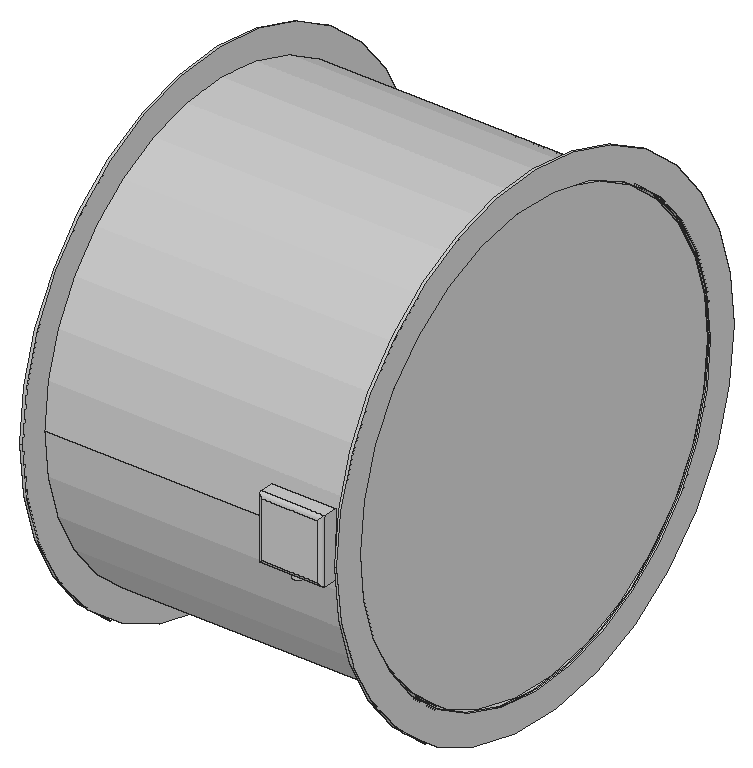
Revit family "ВПВО", category Оборудование, Revit 2021
Family settings
  Размер круглого соединителя = Использовать диаметр
  Классификация = Нет
  Тип детали = Нормальный
  На основе рабочей плоскости = Нет
  Всегда вертикально = Да
  При загрузке вырезать с полостями = Нет
  Общий = Нет
  Точка принадлежности помещению = Нет
Parameters (values of type "ВПВО-900-6Д/3-8/45/ПАГ")
  Отметка по умолчанию = 0 mm
  Вес = "155.8 кг"
  t = 5 mm
  Voltage = 400 V
  Rk = Dy / 2  # 450 mm
  Power = 3000 VA
  Number of Fase = 3
  Maximum Air Flow = 8050.0 L/s
  Maintenance zone material = none
  Ly = L / 2  # 325 mm
  t1 = L - 5 mm  # 645 mm
  Rk1 = Rk + 15 mm  # 465 mm
  Load Classification = "HVAC"
  Lk3 = Lk1 + 65 mm  # 535 mm
  Lk2 = L - 50 mm  # 600 mm
  Lk1 = L - 180 mm  # 470 mm
  L = 650 mm
  Grid Material = Условный материал-отделка
  Dy = 900 mm
  Dn = Dy + 4 mm  # 904 mm
  D3 = Dy - 10 mm  # 890 mm
  D2 = 1015 mm
  Casing Material = Условный материал-отделка
  Air Flow [instance] = 0.0 L/s
  09_System_Name [instance] = ""
  09_Pressure_Static_Air [instance] = 0.0 L/s
  00_20_Type = "ВПВО-900-6Д/3-8/45/ПАГ"
  00_20_Name = "Осьовий вентилятор середнього тиску"
  00_20_Manufacturer [instance] = "Вентс"  # constant formula
Types (160, lengths in mm): name | Вес | Rk | Power | Maximum Air Flow | Ly | t1 | Rk1 | Lk3 | Lk2 | Lk1 | L | Dy | Dn | D3 | D2 | 00_20_Type
  (no name) | "155.8 кг" | 450 | 3000 VA | 8050.0 L/s | 325 | 645 | 465 | 535 | 600 | 470 | 650 | 900 | 904 | 890 | 1015 | "ВПВО-900-6Д/3-8/45/ПАГ"
  ВПВО-400-2Д/0,55-6/25/ПАГ | "23.4 кг" | 200 | 550 VA | 1450.0 L/s | 175 | 345 | 215 | 235 | 300 | 170 | 350 | 400 | 404 | 390 | 490 | "ВПВО-400-2Д/0,55-6/25/ПАГ"
  ВПВО-400-2Д/0,75-6/30/ПАГ | "26.5 кг" | 200 | 750 VA | 1700.0 L/s | 175 | 345 | 215 | 235 | 300 | 170 | 350 | 400 | 404 | 390 | 490 | "ВПВО-400-2Д/0,75-6/30/ПАГ"
  ВПВО-400-2Д/1,1-6/35/ПАГ | "27 кг" | 200 | 1100 VA | 2000.0 L/s | 225 | 445 | 215 | 335 | 400 | 270 | 450 | 400 | 404 | 390 | 490 | "ВПВО-400-2Д/1,1-6/35/ПАГ"
  ВПВО-400-2Д/1,5-6/40/ПАГ | "32.5 кг" | 200 | 1500 VA | 2150.0 L/s | 225 | 445 | 215 | 335 | 400 | 270 | 450 | 400 | 404 | 390 | 490 | "ВПВО-400-2Д/1,5-6/40/ПАГ"
  ВПВО-400-2Д/2,2-6/45/ПАГ | "34.5 кг" | 200 | 2200 VA | 2350.0 L/s | 225 | 445 | 215 | 335 | 400 | 270 | 450 | 400 | 404 | 390 | 490 | "ВПВО-400-2Д/2,2-6/45/ПАГ"
  ВПВО-400-2Д/2,2-8/45/ПАГ | "35 кг" | 200 | 2200 VA | 2450.0 L/s | 225 | 445 | 215 | 335 | 400 | 270 | 450 | 400 | 404 | 390 | 490 | "ВПВО-400-2Д/2,2-8/45/ПАГ"
  ВПВО-400-4Д/0,12-6/30/ПАГ | "19.5 кг" | 200 | 120 VA | 880.0 L/s | 175 | 345 | 215 | 235 | 300 | 170 | 350 | 400 | 404 | 390 | 490 | "ВПВО-400-4Д/0,12-6/30/ПАГ"
  ВПВО-400-4Д/0,18-6/35/ПАГ | "19.8 кг" | 200 | 180 VA | 1000.0 L/s | 175 | 345 | 215 | 235 | 300 | 170 | 350 | 400 | 404 | 390 | 490 | "ВПВО-400-4Д/0,18-6/35/ПАГ"
  ВПВО-400-4Д/0,18-6/40/ПАГ | "19.8 кг" | 200 | 180 VA | 1050.0 L/s | 175 | 345 | 215 | 235 | 300 | 170 | 350 | 400 | 404 | 390 | 490 | "ВПВО-400-4Д/0,18-6/40/ПАГ"
  ВПВО-400-4Д/0,25-6/45/ПАГ | "23.2 кг" | 200 | 250 VA | 1180.0 L/s | 175 | 345 | 215 | 235 | 300 | 170 | 350 | 400 | 404 | 390 | 490 | "ВПВО-400-4Д/0,25-6/45/ПАГ"
  ВПВО-400-4Д/0,37-8/45/ПАГ | "23.9 кг" | 200 | 370 VA | 1200.0 L/s | 175 | 345 | 215 | 235 | 300 | 170 | 350 | 400 | 404 | 390 | 490 | "ВПВО-400-4Д/0,37-8/45/ПАГ"
  ВПВО-450-2Д/0,75-6/25/ПАГ | "36.1 кг" | 225 | 750 VA | 1875.0 L/s | 175 | 345 | 240 | 235 | 300 | 170 | 350 | 450 | 454 | 440 | 540 | "ВПВО-450-2Д/0,75-6/25/ПАГ"
  ВПВО-450-2Д/1,1-6/30/ПАГ | "36.6 кг" | 225 | 1100 VA | 2300.0 L/s | 225 | 445 | 240 | 335 | 400 | 270 | 450 | 450 | 454 | 440 | 540 | "ВПВО-450-2Д/1,1-6/30/ПАГ"
  ВПВО-450-2Д/1,5-6/35/ПАГ | "42.1 кг" | 225 | 1500 VA | 2700.0 L/s | 225 | 445 | 240 | 335 | 400 | 270 | 450 | 450 | 454 | 440 | 540 | "ВПВО-450-2Д/1,5-6/35/ПАГ"
  ВПВО-450-2Д/2,2-6/40/ПАГ | "44.1 кг" | 225 | 2200 VA | 3000.0 L/s | 225 | 445 | 240 | 335 | 400 | 270 | 450 | 450 | 454 | 440 | 540 | "ВПВО-450-2Д/2,2-6/40/ПАГ"
  ВПВО-450-2Д/3-8/40/ПАГ | "53.6 кг" | 225 | 3000 VA | 3125.0 L/s | 225 | 445 | 240 | 335 | 400 | 270 | 450 | 450 | 454 | 440 | 540 | "ВПВО-450-2Д/3-8/40/ПАГ"
  ВПВО-450-2Д/4-8/45/ПАГ | "63.7 кг" | 225 | 4000 VA | 3500.0 L/s | 275 | 545 | 240 | 435 | 500 | 370 | 550 | 450 | 454 | 440 | 540 | "ВПВО-450-2Д/4-8/45/ПАГ"
  ВПВО-450-4Д/0,12-6/25/ПАГ | "29.1 кг" | 225 | 120 VA | 950.0 L/s | 175 | 345 | 240 | 235 | 300 | 170 | 350 | 450 | 454 | 440 | 540 | "ВПВО-450-4Д/0,12-6/25/ПАГ"
  ВПВО-450-4Д/0,18-6/30/ПАГ | "29.4 кг" | 225 | 180 VA | 1100.0 L/s | 175 | 345 | 240 | 235 | 300 | 170 | 350 | 450 | 454 | 440 | 540 | "ВПВО-450-4Д/0,18-6/30/ПАГ"
  ВПВО-450-4Д/0,25-6/35/ПАГ | "32.8 кг" | 225 | 250 VA | 1350.0 L/s | 175 | 345 | 240 | 235 | 300 | 170 | 350 | 450 | 454 | 440 | 540 | "ВПВО-450-4Д/0,25-6/35/ПАГ"
  ВПВО-450-4Д/0,25-6/40/ПАГ | "32.8 кг" | 225 | 250 VA | 1450.0 L/s | 175 | 345 | 240 | 235 | 300 | 170 | 350 | 450 | 454 | 440 | 540 | "ВПВО-450-4Д/0,25-6/40/ПАГ"
  ВПВО-450-4Д/0,37-6/45/ПАГ | "33 кг" | 225 | 370 VA | 1600.0 L/s | 175 | 345 | 240 | 235 | 300 | 170 | 350 | 450 | 454 | 440 | 540 | "ВПВО-450-4Д/0,37-6/45/ПАГ"
  ВПВО-450-4Д/0,55-8/45/ПАГ | "36.6 кг" | 225 | 550 VA | 1700.0 L/s | 175 | 345 | 240 | 235 | 300 | 170 | 350 | 450 | 454 | 440 | 540 | "ВПВО-450-4Д/0,55-8/45/ПАГ"
  ВПВО-500-2Д/1,1-6/25/ПАГ | "48.2 кг" | 250 | 1100 VA | 2350.0 L/s | 225 | 445 | 265 | 335 | 400 | 270 | 450 | 500 | 504 | 490 | 600 | "ВПВО-500-2Д/1,1-6/25/ПАГ"
  ВПВО-560-2Д/1,5-6/25/ПАГ | "70.8 кг" | 280 | 1500 VA | 2900.0 L/s | 225 | 445 | 295 | 335 | 400 | 270 | 450 | 560 | 564 | 550 | 660 | "ВПВО-560-2Д/1,5-6/25/ПАГ"
  ВПВО-630-2Д/3-8/25/ПАГ | "88 кг" | 315 | 3000 VA | 3800.0 L/s | 225 | 445 | 330 | 335 | 400 | 270 | 450 | 630 | 634 | 620 | 730 | "ВПВО-630-2Д/3-8/25/ПАГ"
  ВПВО-710-2Д/7,5-6/20/ПАГ | "150.8" | 355 | 7500 VA | 6300.0 L/s | 275 | 545 | 370 | 435 | 500 | 370 | 550 | 710 | 714 | 700 | 810 | "ВПВО-710-2Д/7,5-6/20/ПАГ"
  ВПВО-800-4Д/1,1-6/20/ПАГ | "115.6 кг" | 400 | 1100 VA | 4200.0 L/s | 225 | 445 | 415 | 335 | 400 | 270 | 450 | 800 | 804 | 790 | 900 | "ВПВО-800-4Д/1,1-6/20/ПАГ"
  ВПВО-900-4Д/3-8/20/ПАГ | "134.8 кг" | 450 | 3000 VA | 6000.0 L/s | 275 | 545 | 465 | 435 | 500 | 370 | 550 | 900 | 904 | 890 | 1015 | "ВПВО-900-4Д/3-8/20/ПАГ"
  ВПВО-1000-4Д/5,5-8/25/ПАГ | "200.5 кг" | 500 | 5500 VA | 8600.0 L/s | 275 | 545 | 515 | 435 | 500 | 370 | 550 | 1000 | 1004 | 990 | 1115 | "ВПВО-1000-4Д/5,5-8/25/ПАГ"
  ВПВО-1120-4Д/7,5-8/25/ПАГ | "222 кг" | 560 | 7500 VA | 12200.0 L/s | 325 | 645 | 575 | 535 | 600 | 470 | 650 | 1120 | 1124 | 1110 | 1270 | "ВПВО-1120-4Д/7,5-8/25/ПАГ"
  ВПВО-1250-4Д/7,5-8/25/ПАГ | "241 кг" | 625 | 7500 VA | 12500.0 L/s | 325 | 645 | 640 | 535 | 600 | 470 | 650 | 1250 | 1254 | 1240 | 1400 | "ВПВО-1250-4Д/7,5-8/25/ПАГ"
  ВПВО-500-2Д/1,5-6/30/ПАГ | "53.7 кг" | 250 | 1500 VA | 2900.0 L/s | 225 | 445 | 265 | 335 | 400 | 270 | 450 | 500 | 504 | 490 | 600 | "ВПВО-500-2Д/1,5-6/30/ПАГ"
  ВПВО-500-2Д/2,2-6/35/ПАГ | "55.7 кг" | 250 | 2200 VA | 3400.0 L/s | 225 | 445 | 265 | 335 | 400 | 270 | 450 | 500 | 504 | 490 | 600 | "ВПВО-500-2Д/2,2-6/35/ПАГ"
  ВПВО-500-2Д/3-8/35/ПАГ | "65.3 кг" | 250 | 3000 VA | 3700.0 L/s | 225 | 445 | 265 | 335 | 400 | 270 | 450 | 500 | 504 | 490 | 600 | "ВПВО-500-2Д/3-8/35/ПАГ"
  ВПВО-500-2Д/4-8/40/ПАГ | "75.4 кг" | 250 | 4000 VA | 4200.0 L/s | 275 | 545 | 265 | 435 | 500 | 370 | 550 | 500 | 504 | 490 | 600 | "ВПВО-500-2Д/4-8/40/ПАГ"
  ВПВО-500-2Д/5,5-8/45/ПАГ | "96.8 кг" | 250 | 5500 VA | 4500.0 L/s | 275 | 545 | 265 | 435 | 500 | 370 | 550 | 500 | 504 | 490 | 600 | "ВПВО-500-2Д/5,5-8/45/ПАГ"
  ВПВО-500-4Д/0,18-6/25/ПАГ | "61.5 кг" | 250 | 180 VA | 1200.0 L/s | 175 | 345 | 265 | 235 | 300 | 170 | 350 | 500 | 504 | 490 | 600 | "ВПВО-500-4Д/0,18-6/25/ПАГ"
  ВПВО-500-4Д/0,25-6/30/ПАГ | "61.7 кг" | 250 | 250 VA | 1460.0 L/s | 175 | 345 | 265 | 235 | 300 | 170 | 350 | 500 | 504 | 490 | 600 | "ВПВО-500-4Д/0,25-6/30/ПАГ"
  ВПВО-500-4Д/0,37-6/35/ПАГ | "64.8 кг" | 250 | 370 VA | 1700.0 L/s | 175 | 345 | 265 | 235 | 300 | 170 | 350 | 500 | 504 | 490 | 600 | "ВПВО-500-4Д/0,37-6/35/ПАГ"
  ВПВО-500-4Д/0,37-6/40/ПАГ | "64.8 кг" | 250 | 370 VA | 1800.0 L/s | 175 | 345 | 265 | 235 | 300 | 170 | 350 | 500 | 504 | 490 | 600 | "ВПВО-500-4Д/0,37-6/40/ПАГ"
  ВПВО-500-4Д/0,55-6/45/ПАГ | "65.6 кг" | 250 | 550 VA | 2100.0 L/s | 225 | 445 | 265 | 335 | 400 | 270 | 450 | 500 | 504 | 490 | 600 | "ВПВО-500-4Д/0,55-6/45/ПАГ"
  ВПВО-500-4Д/0,75-8/45/ПАГ | "71.4 кг" | 250 | 750 VA | 2300.0 L/s | 225 | 445 | 265 | 335 | 400 | 270 | 450 | 500 | 504 | 490 | 600 | "ВПВО-500-4Д/0,75-8/45/ПАГ"
  ВПВО-560-2Д/2,2/6/30/ПАГ | "72.8 кг" | 280 | 2200 VA | 3500.0 L/s | 225 | 445 | 295 | 335 | 400 | 270 | 450 | 560 | 564 | 550 | 660 | "ВПВО-560-2Д/2,2/6/30/ПАГ"
  ВПВО-560-2Д/3-8/30/ПАГ | "82.4 кг" | 280 | 3000 VA | 3900.0 L/s | 225 | 445 | 295 | 335 | 400 | 270 | 450 | 560 | 564 | 550 | 660 | "ВПВО-560-2Д/3-8/30/ПАГ"
  ВПВО-560-2Д/4-8/35/ПАГ | "92.5 кг" | 280 | 4000 VA | 4800.0 L/s | 275 | 545 | 295 | 435 | 500 | 370 | 550 | 560 | 564 | 550 | 660 | "ВПВО-560-2Д/4-8/35/ПАГ"
  ВПВО-560-2Д/5,5-8/40/ПАГ | "113.9 кг" | 280 | 5500 VA | 5150.0 L/s | 275 | 545 | 295 | 435 | 500 | 370 | 550 | 560 | 564 | 550 | 660 | "ВПВО-560-2Д/5,5-8/40/ПАГ"
  ВПВО-560-2Д/7,5-8/45/ПАГ | "117.9 кг" | 280 | 7500 VA | 6000.0 L/s | 275 | 545 | 295 | 435 | 500 | 370 | 550 | 560 | 564 | 550 | 660 | "ВПВО-560-2Д/7,5-8/45/ПАГ"
  ВПВО-560-4Д/0,25-6/25/ПАГ | "61.5 кг" | 280 | 250 VA | 1400.0 L/s | 175 | 345 | 295 | 235 | 300 | 170 | 350 | 560 | 564 | 550 | 660 | "ВПВО-560-4Д/0,25-6/25/ПАГ"
  ВПВО-560-4Д/0,37-6/30/ПАГ | "61.7 кг" | 280 | 370 VA | 1800.0 L/s | 175 | 345 | 295 | 235 | 300 | 170 | 350 | 560 | 564 | 550 | 660 | "ВПВО-560-4Д/0,37-6/30/ПАГ"
  ВПВО-560-4Д/0,55-6/35/ПАГ | "64.8 кг" | 280 | 550 VA | 2150.0 L/s | 175 | 345 | 295 | 235 | 300 | 170 | 350 | 560 | 564 | 550 | 660 | "ВПВО-560-4Д/0,55-6/35/ПАГ"
  ВПВО-560-4Д/0,55-6/40/ПАГ | "64.8 кг" | 280 | 550 VA | 2400.0 L/s | 175 | 345 | 295 | 235 | 300 | 170 | 350 | 560 | 564 | 550 | 660 | "ВПВО-560-4Д/0,55-6/40/ПАГ"
  ВПВО-560-4Д/0,75-6/45/ПАГ | "65.6 кг" | 280 | 750 VA | 2600.0 L/s | 225 | 445 | 295 | 335 | 400 | 270 | 450 | 560 | 564 | 550 | 660 | "ВПВО-560-4Д/0,75-6/45/ПАГ"
  ВПВО-560-4Д/1,1-8/45/ПАГ | "71.4 кг" | 280 | 1100 VA | 3000.0 L/s | 225 | 445 | 295 | 335 | 400 | 270 | 450 | 560 | 564 | 550 | 660 | "ВПВО-560-4Д/1,1-8/45/ПАГ"
  ВПВО-630-2Д/4-8/30/ПАГ | "98.1 кг" | 315 | 4000 VA | 4700.0 L/s | 275 | 545 | 330 | 435 | 500 | 370 | 550 | 630 | 634 | 620 | 730 | "ВПВО-630-2Д/4-8/30/ПАГ"
  ВПВО-630-2Д/5,5-8/35/ПАГ | "119.5 кг" | 315 | 5500 VA | 6000.0 L/s | 275 | 545 | 330 | 435 | 500 | 370 | 550 | 630 | 634 | 620 | 730 | "ВПВО-630-2Д/5,5-8/35/ПАГ"
  ВПВО-630-2Д/7,5-8/40/ПАГ | "123.5 кг" | 315 | 7500 VA | 6800.0 L/s | 275 | 545 | 330 | 435 | 500 | 370 | 550 | 630 | 634 | 620 | 730 | "ВПВО-630-2Д/7,5-8/40/ПАГ"
  ВПВО-630-2Д/9,2-6/30/ПАГ | "130.1 кг" | 315 | 9200 VA | 7200.0 L/s | 325 | 645 | 330 | 535 | 600 | 470 | 650 | 630 | 634 | 620 | 730 | "ВПВО-630-2Д/9,2-6/30/ПАГ"
  ВПВО-630-2Д/11-6/32,5/ПАГ | "154.1 кг" | 315 | 11000 VA | 7500.0 L/s | 325 | 645 | 330 | 535 | 600 | 470 | 650 | 630 | 634 | 620 | 730 | "ВПВО-630-2Д/11-6/32,5/ПАГ"
  ВПВО-630-2Д/11-6/35/ПАГ | "154.1 кг" | 315 | 11000 VA | 8300.0 L/s | 325 | 645 | 330 | 535 | 600 | 470 | 650 | 630 | 634 | 620 | 730 | "ВПВО-630-2Д/11-6/35/ПАГ"
  ВПВО-630-2Д/15-6/37,5/ПАГ | "166.7 кг" | 315 | 15000 VA | 8400.0 L/s | 375 | 745 | 330 | 635 | 700 | 570 | 750 | 630 | 634 | 620 | 730 | "ВПВО-630-2Д/15-6/37,5/ПАГ"
  ВПВО-630-2Д/15-6/40/ПАГ | "166.7 кг" | 315 | 15000 VA | 8650.0 L/s | 375 | 745 | 330 | 635 | 700 | 570 | 750 | 630 | 634 | 620 | 730 | "ВПВО-630-2Д/15-6/40/ПАГ"
  ВПВО-630-2Д/18,5-6/45/ПАГ | "179.8 кг" | 315 | 18500 VA | 9400.0 L/s | 375 | 745 | 330 | 635 | 700 | 570 | 750 | 630 | 634 | 620 | 730 | "ВПВО-630-2Д/18,5-6/45/ПАГ"
  ВПВО-630-4Д/0,37-8/25/ПАГ | "67.9 кг" | 315 | 370 VA | 1900.0 L/s | 175 | 345 | 330 | 235 | 300 | 170 | 350 | 630 | 634 | 620 | 730 | "ВПВО-630-4Д/0,37-8/25/ПАГ"
  ВПВО-630-4Д/0,55-8/30/ПАГ | "71 кг" | 315 | 550 VA | 2500.0 L/s | 175 | 345 | 330 | 235 | 300 | 170 | 350 | 630 | 634 | 620 | 730 | "ВПВО-630-4Д/0,55-8/30/ПАГ"
  ВПВО-630-4Д/0,75-8/35/ПАГ | "71.8 кг" | 315 | 750 VA | 2900.0 L/s | 225 | 445 | 330 | 335 | 400 | 270 | 450 | 630 | 634 | 620 | 730 | "ВПВО-630-4Д/0,75-8/35/ПАГ"
  ВПВО-630-4Д/1,1-8/40/ПАГ | "77 кг" | 315 | 1100 VA | 3400.0 L/s | 225 | 445 | 330 | 335 | 400 | 270 | 450 | 630 | 634 | 620 | 730 | "ВПВО-630-4Д/1,1-8/40/ПАГ"
  ВПВО-630-4Д/1,5-6/32,5/ПАГ | "81.1 кг" | 315 | 1500 VA | 3900.0 L/s | 225 | 445 | 330 | 335 | 400 | 270 | 450 | 630 | 634 | 620 | 730 | "ВПВО-630-4Д/1,5-6/32,5/ПАГ"
  ВПВО-630-4Д/1,5-8/45/ПАГ | "80 кг" | 315 | 1500 VA | 4000.0 L/s | 225 | 445 | 330 | 335 | 400 | 270 | 450 | 630 | 634 | 620 | 730 | "ВПВО-630-4Д/1,5-8/45/ПАГ"
  ВПВО-630-4Д/1,5-6/37,5/ПАГ | "81.1 кг" | 315 | 1500 VA | 4150.0 L/s | 225 | 445 | 330 | 335 | 400 | 270 | 450 | 630 | 634 | 620 | 730 | "ВПВО-630-4Д/1,5-6/37,5/ПАГ"
  ВПВО-630-4Д/2,2-6/40/ПАГ | "83.2 кг" | 315 | 2200 VA | 4300.0 L/s | 225 | 445 | 330 | 335 | 400 | 270 | 450 | 630 | 634 | 620 | 730 | "ВПВО-630-4Д/2,2-6/40/ПАГ"
  ВПВО-630-4Д/2,2-6/45/ПАГ | "83.2 кг" | 315 | 2200 VA | 4700.0 L/s | 225 | 445 | 330 | 335 | 400 | 270 | 450 | 630 | 634 | 620 | 730 | "ВПВО-630-4Д/2,2-6/45/ПАГ"
  ВПВО-710-2Д/9,2-6/25/ПАГ | "156.3" | 355 | 9200 VA | 7900.0 L/s | 325 | 645 | 370 | 535 | 600 | 470 | 650 | 710 | 714 | 700 | 810 | "ВПВО-710-2Д/9,2-6/25/ПАГ"
  ВПВО-710-2Д/15-6/30/ПАГ | "192.9" | 355 | 15000 VA | 9400.0 L/s | 375 | 745 | 370 | 635 | 700 | 570 | 750 | 710 | 714 | 700 | 810 | "ВПВО-710-2Д/15-6/30/ПАГ"
  ВПВО-710-2Д/15-6/32,5/ПАГ | "192.9" | 355 | 15000 VA | 10400.0 L/s | 375 | 745 | 370 | 635 | 700 | 570 | 750 | 710 | 714 | 700 | 810 | "ВПВО-710-2Д/15-6/32,5/ПАГ"
  ВПВО-710-2Д/18,5-6/35/ПАГ | "206" | 355 | 18500 VA | 10800.0 L/s | 375 | 745 | 370 | 635 | 700 | 570 | 750 | 710 | 714 | 700 | 810 | "ВПВО-710-2Д/18,5-6/35/ПАГ"
  ВПВО-710-2Д/18,5-6/37,5/ПАГ | "206" | 355 | 18500 VA | 11400.0 L/s | 375 | 745 | 370 | 635 | 700 | 570 | 750 | 710 | 714 | 700 | 810 | "ВПВО-710-2Д/18,5-6/37,5/ПАГ"
  ВПВО-710-2Д/22-6/40/ПАГ | "246" | 355 | 22000 VA | 12000.0 L/s | 425 | 845 | 370 | 735 | 800 | 670 | 850 | 710 | 714 | 700 | 810 | "ВПВО-710-2Д/22-6/40/ПАГ"
  ВПВО-710-4Д/0,75-6/20/ПАГ | "99.1" | 355 | 750 VA | 3200.0 L/s | 225 | 445 | 370 | 335 | 400 | 270 | 450 | 710 | 714 | 700 | 810 | "ВПВО-710-4Д/0,75-6/20/ПАГ"
  ВПВО-710-4Д/1,1-6/25/ПАГ | "104.3" | 355 | 1100 VA | 4000.0 L/s | 225 | 445 | 370 | 335 | 400 | 270 | 450 | 710 | 714 | 700 | 810 | "ВПВО-710-4Д/1,1-6/25/ПАГ"
  ВПВО-710-4Д/1,5-6/30/ПАГ | "107.3" | 355 | 1500 VA | 4700.0 L/s | 225 | 445 | 370 | 335 | 400 | 270 | 450 | 710 | 714 | 700 | 810 | "ВПВО-710-4Д/1,5-6/30/ПАГ"
  ВПВО-710-4Д/2,2-6/32,5/ПАГ | "109.4" | 355 | 2200 VA | 5300.0 L/s | 225 | 445 | 370 | 335 | 400 | 270 | 450 | 710 | 714 | 700 | 810 | "ВПВО-710-4Д/2,2-6/32,5/ПАГ"
  ВПВО-710-4Д/2,2-6/35/ПАГ | "109.4" | 355 | 2200 VA | 5500.0 L/s | 225 | 445 | 370 | 335 | 400 | 270 | 450 | 710 | 714 | 700 | 810 | "ВПВО-710-4Д/2,2-6/35/ПАГ"
  ВПВО-710-4Д/2,2-6/37,5/ПАГ | "109.4" | 355 | 2200 VA | 5700.0 L/s | 225 | 445 | 370 | 335 | 400 | 270 | 450 | 710 | 714 | 700 | 810 | "ВПВО-710-4Д/2,2-6/37,5/ПАГ"
  ВПВО-710-4Д/3-6/40/ПАГ | "118.3" | 355 | 3000 VA | 5900.0 L/s | 275 | 545 | 370 | 435 | 500 | 370 | 550 | 710 | 714 | 700 | 810 | "ВПВО-710-4Д/3-6/40/ПАГ"
  ВПВО-710-4Д/4-6/45/ПАГ | "129.4" | 355 | 6400 VA | 5900.0 L/s | 275 | 545 | 370 | 435 | 500 | 370 | 550 | 710 | 714 | 700 | 810 | "ВПВО-710-4Д/4-6/45/ПАГ"
  ВПВО-800-4Д/1,5-6/25/ПАГ | "118.6 кг" | 400 | 1500 VA | 5100.0 L/s | 225 | 445 | 415 | 335 | 400 | 270 | 450 | 800 | 804 | 790 | 900 | "ВПВО-800-4Д/1,5-6/25/ПАГ"
  ВПВО-800-4Д/2,2-6/30/ПАГ | "120.7 кг" | 400 | 2200 VA | 5850.0 L/s | 225 | 445 | 415 | 335 | 400 | 270 | 450 | 800 | 804 | 790 | 900 | "ВПВО-800-4Д/2,2-6/30/ПАГ"
  ВПВО-800-4Д/3-6/32,5/ПАГ | "129.6 кг" | 400 | 3000 VA | 6800.0 L/s | 275 | 545 | 415 | 435 | 500 | 370 | 550 | 800 | 804 | 790 | 900 | "ВПВО-800-4Д/3-6/32,5/ПАГ"
  ВПВО-800-4Д/3-6/35/ПАГ | "129.6 кг" | 400 | 3000 VA | 7400.0 L/s | 275 | 545 | 415 | 435 | 500 | 370 | 550 | 800 | 804 | 790 | 900 | "ВПВО-800-4Д/3-6/35/ПАГ"
  ВПВО-800-4Д/4-6/37,5/ПАГ | "140.7 кг" | 400 | 4000 VA | 7500.0 L/s | 275 | 545 | 415 | 435 | 500 | 370 | 550 | 800 | 804 | 790 | 900 | "ВПВО-800-4Д/4-6/37,5/ПАГ"
  ВПВО-800-4Д/4-6/40/ПАГ | "140.7 кг" | 400 | 4000 VA | 8050.0 L/s | 275 | 545 | 415 | 435 | 500 | 370 | 550 | 800 | 804 | 790 | 900 | "ВПВО-800-4Д/4-6/40/ПАГ"
  ВПВО-800-4Д/5,5-6/45/ПАГ | "157.6 кг" | 400 | 5500 VA | 8700.0 L/s | 275 | 545 | 415 | 435 | 500 | 370 | 550 | 800 | 804 | 790 | 900 | "ВПВО-800-4Д/5,5-6/45/ПАГ"
  ВПВО-800-6Д/0,37-6/20/ПАГ | "109.6 кг" | 400 | 370 VA | 2700.0 L/s | 225 | 445 | 415 | 335 | 400 | 270 | 450 | 800 | 804 | 790 | 900 | "ВПВО-800-6Д/0,37-6/20/ПАГ"
  ВПВО-800-6Д/0,55-6/25/ПАГ | "111.1 кг" | 400 | 550 VA | 3600.0 L/s | 225 | 445 | 415 | 335 | 400 | 270 | 450 | 800 | 804 | 790 | 900 | "ВПВО-800-6Д/0,55-6/25/ПАГ"
  ВПВО-800-6Д/0,75-6/30/ПАГ | "116.4 кг" | 400 | 750 VA | 4200.0 L/s | 225 | 445 | 415 | 335 | 400 | 270 | 450 | 800 | 804 | 790 | 900 | "ВПВО-800-6Д/0,75-6/30/ПАГ"
  ВПВО-800-6Д/0,75-6/32,5/ПАГ | "116.4 кг" | 400 | 750 VA | 4400.0 L/s | 225 | 445 | 415 | 335 | 400 | 270 | 450 | 800 | 804 | 790 | 900 | "ВПВО-800-6Д/0,75-6/32,5/ПАГ"
  ВПВО-800-6Д/1,1-6/35/ПАГ | "116.5 кг" | 400 | 1100 VA | 5000.0 L/s | 225 | 445 | 415 | 335 | 400 | 270 | 450 | 800 | 804 | 790 | 900 | "ВПВО-800-6Д/1,1-6/35/ПАГ"
  ВПВО-800-6Д/1,1-6/37,5/ПАГ | "116.5 кг" | 400 | 1100 VA | 5200.0 L/s | 225 | 445 | 415 | 335 | 400 | 270 | 450 | 800 | 804 | 790 | 900 | "ВПВО-800-6Д/1,1-6/37,5/ПАГ"
  ВПВО-800-6Д/1,1-6/40/ПАГ | "116.5 кг" | 400 | 1100 VA | 5400.0 L/s | 225 | 445 | 415 | 335 | 400 | 270 | 450 | 800 | 804 | 790 | 900 | "ВПВО-800-6Д/1,1-6/40/ПАГ"
  ВПВО-800-6Д/1,5-6/45/ПАГ | "124.6 кг" | 400 | 1500 VA | 5700.0 L/s | 275 | 545 | 415 | 435 | 500 | 370 | 550 | 800 | 804 | 790 | 900 | "ВПВО-800-6Д/1,5-6/45/ПАГ"
  ВПВО-900-4Д/4-8/25/ПАГ | "145.9 кг" | 450 | 4000 VA | 7300.0 L/s | 275 | 545 | 465 | 435 | 500 | 370 | 550 | 900 | 904 | 890 | 1015 | "ВПВО-900-4Д/4-8/25/ПАГ"
  ВПВО-900-4Д/5,5-8/30/ПАГ | "162.8 кг" | 450 | 5500 VA | 8800.0 L/s | 275 | 545 | 465 | 435 | 500 | 370 | 550 | 900 | 904 | 890 | 1015 | "ВПВО-900-4Д/5,5-8/30/ПАГ"
  ВПВО-900-4Д/5,5-8/32,5/ПАГ | "162.8 кг" | 450 | 5500 VA | 9000.0 L/s | 275 | 545 | 465 | 435 | 500 | 370 | 550 | 900 | 904 | 890 | 1015 | "ВПВО-900-4Д/5,5-8/32,5/ПАГ"
  ВПВО-900-4Д/7,5-8/35/ПАГ | "165.3 кг" | 450 | 7500 VA | 9700.0 L/s | 325 | 645 | 465 | 535 | 600 | 470 | 650 | 900 | 904 | 890 | 1015 | "ВПВО-900-4Д/7,5-8/35/ПАГ"
  ВПВО-900-4Д/7,5-8/37,5/ПАГ | "165.3 кг" | 450 | 7500 VA | 10400.0 L/s | 325 | 645 | 465 | 535 | 600 | 470 | 650 | 900 | 904 | 890 | 1015 | "ВПВО-900-4Д/7,5-8/37,5/ПАГ"
  ВПВО-900-4Д/7,5-8/40/ПАГ | "165.3 кг" | 450 | 7500 VA | 10700.0 L/s | 325 | 645 | 465 | 535 | 600 | 470 | 650 | 900 | 904 | 890 | 1015 | "ВПВО-900-4Д/7,5-8/40/ПАГ"
  ВПВО-900-4Д/11-8/45/ПАГ | "199.6 кг" | 450 | 11000 VA | 12000.0 L/s | 375 | 745 | 465 | 635 | 700 | 570 | 750 | 900 | 904 | 890 | 1015 | "ВПВО-900-4Д/11-8/45/ПАГ"
  ВПВО-900-6Д/0,75-8/20/ПАГ | "121.6 кг" | 450 | 750 VA | 3900.0 L/s | 225 | 445 | 465 | 335 | 400 | 270 | 450 | 900 | 904 | 890 | 1015 | "ВПВО-900-6Д/0,75-8/20/ПАГ"
  ВПВО-900-6Д/1,1-8/25/ПАГ | "121.7 кг" | 450 | 1100 VA | 4700.0 L/s | 225 | 445 | 465 | 335 | 400 | 270 | 450 | 900 | 904 | 890 | 1015 | "ВПВО-900-6Д/1,1-8/25/ПАГ"
  ВПВО-900-6Д/1,5-8/30/ПАГ | "129.8 кг" | 450 | 1500 VA | 5700.0 L/s | 275 | 545 | 465 | 435 | 500 | 370 | 550 | 900 | 904 | 890 | 1015 | "ВПВО-900-6Д/1,5-8/30/ПАГ"
  ВПВО-900-6Д/1,5-8/32,5/ПАГ | "129.8 кг" | 450 | 1500 VA | 5900.0 L/s | 275 | 545 | 465 | 435 | 500 | 370 | 550 | 900 | 904 | 890 | 1015 | "ВПВО-900-6Д/1,5-8/32,5/ПАГ"
  ВПВО-900-6Д/2,2-8/35/ПАГ | "135.3 кг" | 450 | 2200 VA | 6700.0 L/s | 275 | 545 | 465 | 435 | 500 | 370 | 550 | 900 | 904 | 890 | 1015 | "ВПВО-900-6Д/2,2-8/35/ПАГ"
  ВПВО-900-6Д/2,2-8/37,5/ПАГ | "135.3 кг" | 450 | 2200 VA | 7000.0 L/s | 275 | 545 | 465 | 435 | 500 | 370 | 550 | 900 | 904 | 890 | 1015 | "ВПВО-900-6Д/2,2-8/37,5/ПАГ"
  ВПВО-900-6Д/2,2-8/40/ПАГ | "135.3 кг" | 450 | 2200 VA | 7100.0 L/s | 275 | 545 | 465 | 435 | 500 | 370 | 550 | 900 | 904 | 890 | 1015 | "ВПВО-900-6Д/2,2-8/40/ПАГ"
  ВПВО-900-6Д/3-8/45/ПАГ | "155.8 кг" | 450 | 3000 VA | 8050.0 L/s | 325 | 645 | 465 | 535 | 600 | 470 | 650 | 900 | 904 | 890 | 1015 | "ВПВО-900-6Д/3-8/45/ПАГ"
  ВПВО-1000-4Д/7,5-8/30/ПАГ | "203 кг" | 500 | 7500 VA | 10700.0 L/s | 325 | 645 | 515 | 535 | 600 | 470 | 650 | 1000 | 1004 | 990 | 1115 | "ВПВО-1000-4Д/7,5-8/30/ПАГ"
  ВПВО-1000-4Д/7,5-8/32,5/ПАГ | "203 кг" | 500 | 7500 VA | 12000.0 L/s | 325 | 645 | 515 | 535 | 600 | 470 | 650 | 1000 | 1004 | 990 | 1115 | "ВПВО-1000-4Д/7,5-8/32,5/ПАГ"
  ВПВО-1000-4Д/9,2-8/35/ПАГ | "233.5 кг" | 500 | 9200 VA | 12800.0 L/s | 325 | 645 | 515 | 535 | 600 | 470 | 650 | 1000 | 1004 | 990 | 1115 | "ВПВО-1000-4Д/9,2-8/35/ПАГ"
  ВПВО-1000-4Д/11-8/37,5/ПАГ | "237.3 кг" | 500 | 11000 VA | 13900.0 L/s | 400 | 795 | 515 | 685 | 750 | 620 | 800 | 1000 | 1004 | 990 | 1115 | "ВПВО-1000-4Д/11-8/37,5/ПАГ"
  ВПВО-1000-4Д/11-8/40/ПАГ | "237.3 кг" | 500 | 11000 VA | 14500.0 L/s | 400 | 795 | 515 | 685 | 750 | 620 | 800 | 1000 | 1004 | 990 | 1115 | "ВПВО-1000-4Д/11-8/40/ПАГ"
  ВПВО-1000-4Д/15-8/45/ПАГ | "256.4 кг" | 500 | 15000 VA | 15800.0 L/s | 400 | 795 | 515 | 685 | 750 | 620 | 800 | 1000 | 1004 | 990 | 1115 | "ВПВО-1000-4Д/15-8/45/ПАГ"
  ВПВО-1000-4Д/18,5-8/50/ПАГ | "301.9 кг" | 500 | 18500 VA | 17200.0 L/s | 450 | 895 | 515 | 785 | 850 | 720 | 900 | 1000 | 1004 | 990 | 1115 | "ВПВО-1000-4Д/18,5-8/50/ПАГ"
  ВПВО-1000-6Д/1,5-8/25/ПАГ | "167.5 кг" | 500 | 1500 VA | 5800.0 L/s | 275 | 545 | 515 | 435 | 500 | 370 | 550 | 1000 | 1004 | 990 | 1115 | "ВПВО-1000-6Д/1,5-8/25/ПАГ"
  ВПВО-1000-6Д/2,2-8/30/ПАГ | "173 кг" | 500 | 2200 VA | 7200.0 L/s | 275 | 545 | 515 | 435 | 500 | 370 | 550 | 1000 | 1004 | 990 | 1115 | "ВПВО-1000-6Д/2,2-8/30/ПАГ"
  ВПВО-1000-6Д/2,2-8/32,5/ПАГ | "173 кг" | 500 | 2200 VA | 7700.0 L/s | 275 | 545 | 515 | 435 | 500 | 370 | 550 | 1000 | 1004 | 990 | 1115 | "ВПВО-1000-6Д/2,2-8/32,5/ПАГ"
  ВПВО-1000-6Д/3-8/35/ПАГ | "193.5 кг" | 500 | 3000 VA | 8650.0 L/s | 325 | 645 | 515 | 535 | 600 | 470 | 650 | 1000 | 1004 | 990 | 1115 | "ВПВО-1000-6Д/3-8/35/ПАГ"
  ВПВО-1000-6Д/3-8/37,5/ПАГ | "193.5 кг" | 500 | 3000 VA | 9000.0 L/s | 325 | 645 | 515 | 535 | 600 | 470 | 650 | 1000 | 1004 | 990 | 1115 | "ВПВО-1000-6Д/3-8/37,5/ПАГ"
  ВПВО-1000-6Д/4-8/40/ПАГ | "203.5 кг" | 500 | 4000 VA | 9700.0 L/s | 325 | 645 | 515 | 535 | 600 | 470 | 650 | 1000 | 1004 | 990 | 1115 | "ВПВО-1000-6Д/4-8/40/ПАГ"
  ВПВО-1000-6Д/5,5-8/45/ПАГ | "207.5 кг" | 500 | 5500 VA | 10400.0 L/s | 325 | 645 | 515 | 535 | 600 | 470 | 650 | 1000 | 1004 | 990 | 1115 | "ВПВО-1000-6Д/5,5-8/45/ПАГ"
  ВПВО-1000-6Д/5,5-8/50/ПАГ | "207.5 кг" | 500 | 5500 VA | 11600.0 L/s | 325 | 645 | 515 | 535 | 600 | 470 | 650 | 1000 | 1004 | 990 | 1115 | "ВПВО-1000-6Д/5,5-8/50/ПАГ"
  ВПВО-1120-4Д/11-8/30/ПАГ | "256.3 кг" | 560 | 11000 VA | 15200.0 L/s | 400 | 795 | 575 | 685 | 750 | 620 | 800 | 1120 | 1124 | 1110 | 1270 | "ВПВО-1120-4Д/11-8/30/ПАГ"
  ВПВО-1120-4Д/11-8/32,5/ПАГ | "256.3 кг" | 560 | 11000 VA | 16500.0 L/s | 400 | 795 | 575 | 685 | 750 | 620 | 800 | 1120 | 1124 | 1110 | 1270 | "ВПВО-1120-4Д/11-8/32,5/ПАГ"
  ВПВО-1120-4Д/15-8/35/ПАГ | "275.4 кг" | 560 | 15000 VA | 18000.0 L/s | 400 | 795 | 575 | 685 | 750 | 620 | 800 | 1120 | 1124 | 1110 | 1270 | "ВПВО-1120-4Д/15-8/35/ПАГ"
  ВПВО-1120-4Д/18,5-8/37,5/ПАГ | "320.9 кг" | 560 | 18500 VA | 19200.0 L/s | 450 | 895 | 575 | 785 | 850 | 720 | 900 | 1120 | 1124 | 1110 | 1270 | "ВПВО-1120-4Д/18,5-8/37,5/ПАГ"
  ВПВО-1120-4Д/18,5-8/40/ПАГ | "320.9 кг" | 560 | 18500 VA | 20500.0 L/s | 450 | 895 | 575 | 785 | 850 | 720 | 900 | 1120 | 1124 | 1110 | 1270 | "ВПВО-1120-4Д/18,5-8/40/ПАГ"
  ВПВО-1120-4Д/22-8/45/ПАГ | "334.2 кг" | 560 | 22000 VA | 22200.0 L/s | 450 | 895 | 575 | 785 | 850 | 720 | 900 | 1120 | 1124 | 1110 | 1270 | "ВПВО-1120-4Д/22-8/45/ПАГ"
  ВПВО-1120-6Д/2,2-8/25/ПАГ | "192 кг" | 560 | 2200 VA | 8300.0 L/s | 275 | 545 | 575 | 435 | 500 | 370 | 550 | 1120 | 1124 | 1110 | 1270 | "ВПВО-1120-6Д/2,2-8/25/ПАГ"
  ВПВО-1120-6Д/3-8/30/ПАГ | "212.5 кг" | 560 | 3000 VA | 10000.0 L/s | 325 | 645 | 575 | 535 | 600 | 470 | 650 | 1120 | 1124 | 1110 | 1270 | "ВПВО-1120-6Д/3-8/30/ПАГ"
  ВПВО-1120-6Д/4-8/32,5/ПАГ | "222.5 кг" | 560 | 4000 VA | 11400.0 L/s | 325 | 645 | 575 | 535 | 600 | 470 | 650 | 1120 | 1124 | 1110 | 1270 | "ВПВО-1120-6Д/4-8/32,5/ПАГ"
  ВПВО-1120-6Д/4-8/35/ПАГ | "222.5 кг" | 560 | 4000 VA | 12000.0 L/s | 325 | 645 | 575 | 535 | 600 | 470 | 650 | 1120 | 1124 | 1110 | 1270 | "ВПВО-1120-6Д/4-8/35/ПАГ"
  ВПВО-1120-6Д/5,5-8/37,5/ПАГ | "226.5 кг" | 560 | 5500 VA | 12800.0 L/s | 325 | 645 | 575 | 535 | 600 | 470 | 650 | 1120 | 1124 | 1110 | 1270 | "ВПВО-1120-6Д/5,5-8/37,5/ПАГ"
  ВПВО-1120-6Д/5,5-8/40/ПАГ | "226.5 кг" | 560 | 5500 VA | 13900.0 L/s | 325 | 645 | 575 | 535 | 600 | 470 | 650 | 1120 | 1124 | 1110 | 1270 | "ВПВО-1120-6Д/5,5-8/40/ПАГ"
  ВПВО-1120-6Д/7,5-8/45/ПАГ | "254.8 кг" | 560 | 7500 VA | 14700.0 L/s | 400 | 795 | 575 | 685 | 750 | 620 | 800 | 1120 | 1124 | 1110 | 1270 | "ВПВО-1120-6Д/7,5-8/45/ПАГ"
  ВПВО-1120-6Д/9,2-8/50/ПАГ | "272.5 кг" | 560 | 9200 VA | 16400.0 L/s | 400 | 795 | 575 | 685 | 750 | 620 | 800 | 1120 | 1124 | 1110 | 1270 | "ВПВО-1120-6Д/9,2-8/50/ПАГ"
  ВПВО-1250-4Д/11-8/30/ПАГ | "275.3 кг" | 625 | 11000 VA | 17700.0 L/s | 400 | 795 | 640 | 685 | 750 | 620 | 800 | 1250 | 1254 | 1240 | 1400 | "ВПВО-1250-4Д/11-8/30/ПАГ"
  ВПВО-1250-4Д/15-8/32,5/ПАГ | "294.4 кг" | 625 | 15000 VA | 19400.0 L/s | 400 | 795 | 640 | 685 | 750 | 620 | 800 | 1250 | 1254 | 1240 | 1400 | "ВПВО-1250-4Д/15-8/32,5/ПАГ"
  ВПВО-1250-4Д/15-8/35/ПАГ | "294.4 кг" | 625 | 15000 VA | 21100.0 L/s | 400 | 795 | 640 | 685 | 750 | 620 | 800 | 1250 | 1254 | 1240 | 1400 | "ВПВО-1250-4Д/15-8/35/ПАГ"
  ВПВО-1250-4Д/18,5-8/37,5/ПАГ | "339.9 кг" | 625 | 18500 VA | 23300.0 L/s | 450 | 895 | 640 | 785 | 850 | 720 | 900 | 1250 | 1254 | 1240 | 1400 | "ВПВО-1250-4Д/18,5-8/37,5/ПАГ"
  ВПВО-1250-4Д/22-8/40/ПАГ | "353.2 кг" | 625 | 22000 VA | 25000.0 L/s | 450 | 895 | 640 | 785 | 850 | 720 | 900 | 1250 | 1254 | 1240 | 1400 | "ВПВО-1250-4Д/22-8/40/ПАГ"
  ВПВО-1250-4Д/30-8/45/ПАГ | "416.2 кг" | 625 | 30000 VA | 27800.0 L/s | 450 | 895 | 640 | 785 | 850 | 720 | 900 | 1250 | 1254 | 1240 | 1400 | "ВПВО-1250-4Д/30-8/45/ПАГ"
  ВПВО-1250-6Д/2,2-8/25/ПАГ | "211 кг" | 625 | 2200 VA | 8750.0 L/s | 275 | 545 | 640 | 435 | 500 | 370 | 550 | 1250 | 1254 | 1240 | 1400 | "ВПВО-1250-6Д/2,2-8/25/ПАГ"
  ВПВО-1250-6Д/3-8/30/ПАГ | "231.5 кг" | 625 | 3000 VA | 11500.0 L/s | 325 | 645 | 640 | 535 | 600 | 470 | 650 | 1250 | 1254 | 1240 | 1400 | "ВПВО-1250-6Д/3-8/30/ПАГ"
  ВПВО-1250-6Д/4-8/32,5/ПАГ | "241.5 кг" | 625 | 4000 VA | 12800.0 L/s | 325 | 645 | 640 | 535 | 600 | 470 | 650 | 1250 | 1254 | 1240 | 1400 | "ВПВО-1250-6Д/4-8/32,5/ПАГ"
  ВПВО-1250-6Д/5,5-8/35/ПАГ | "245.5 кг" | 625 | 5500 VA | 14000.0 L/s | 325 | 645 | 640 | 535 | 600 | 470 | 650 | 1250 | 1254 | 1240 | 1400 | "ВПВО-1250-6Д/5,5-8/35/ПАГ"
  ВПВО-1250-6Д/5,5-8/37,5/ПАГ | "245.5 кг" | 625 | 5500 VA | 15600.0 L/s | 325 | 645 | 640 | 535 | 600 | 470 | 650 | 1250 | 1254 | 1240 | 1400 | "ВПВО-1250-6Д/5,5-8/37,5/ПАГ"
  ВПВО-1250-6Д/7,5-8/40/ПАГ | "273.8 кг" | 625 | 7500 VA | 16000.0 L/s | 400 | 795 | 640 | 685 | 750 | 620 | 800 | 1250 | 1254 | 1240 | 1400 | "ВПВО-1250-6Д/7,5-8/40/ПАГ"
  ВПВО-1250-6Д/9,2-8/45/ПАГ | "291.5 кг" | 625 | 9200 VA | 18600.0 L/s | 400 | 795 | 640 | 685 | 750 | 620 | 800 | 1250 | 1254 | 1240 | 1400 | "ВПВО-1250-6Д/9,2-8/45/ПАГ"
  ВПВО-1250-6Д/11-8/50/ПАГ | "299.3 кг" | 625 | 11000 VA | 19150.0 L/s | 400 | 795 | 640 | 685 | 750 | 620 | 800 | 1250 | 1254 | 1240 | 1400 | "ВПВО-1250-6Д/11-8/50/ПАГ"
Reference planes
  plane 1 "По центру (Вперед/Назад)": y = 0
  plane 2: z = 0
  plane 3 "По центру (Влево/Вправо)": x = 0
  plane 4: x = 325
Forms (mm)
  Extrusion 1, solid, material "Условный материал-отделка" <- "Casing Material", detail levels fine
    sketch origin (0, 0, 0) x (0, 1, 0) y (0, 0, 1)
      loop
        circle (0, 0) r 507.5
      loop
        circle (0, 0) r 450
    from 0 to 5 <- "t"
  Extrusion 2, solid, material "Условный материал-отделка" <- "Casing Material", detail levels fine
    sketch origin (0, 0, 0) x (0, 1, 0) y (0, 0, 1)
      loop
        circle (0, 0) r 452
      loop
        circle (0, 0) r 450
    from 5 <- "t" to 645 <- "t1"
  Extrusion 3, solid, material "Условный материал-отделка" <- "Casing Material", detail levels fine
    sketch origin (0, 0, 0) x (0, 1, 0) y (0, 0, 1)
      loop
        circle (0, 0) r 450
      loop
        circle (0, 0) r 507.5
    from 645 <- "t1" to 650 <- "L"
  Extrusion 4, solid, material "Условный материал-отделка" <- "Casing Material", detail levels fine
    sketch origin (0, 0, 0) x (0, 1, 0) y (0, 0, 1)
      loop
        circle (0, 0) r 445
    from 5 <- "t" to 645 <- "t1"
  Extrusion 5, solid, material "Условный материал-отделка" <- "Casing Material", detail levels fine
    sketch origin (0, 0, 0) x (0, 1, 0) y (0, 0, 1)
      loop
        line (-450, 65) -> (-485, 65) -> (-485, -65) -> (-450, -65) -> (-450, 65)
    from 470 <- "Lk1" to 600 <- "Lk2"
  Sweep 6, void
    path origin (0, -485, 65) x (0, 0, -1) y (1, 0, 0)
      loop
        line (0, 470) -> (130, 470) -> (130, 600) -> (0, 600) -> (0, 470)
    profile origin (535, -485, 65) x (0, 0, 1) y (0, -1, 0)
      loop
        line (0, -8) -> (0, 0) -> (-8, 0)
        arc (-8, 0) -> (-2.343, -2.343) -> (0, -8) r 8
  Extrusion 7, solid, material "Условный материал-отделка" <- "Casing Material", detail levels fine
    sketch origin (0, 0, 0) x (1, 0, 0) y (0, 1, 0)
      loop
        circle (535, -465) r 10
    from -75.886 to -65
Cuts and joins
  Sweep 6 cuts Extrusion 5
Lines and regions (mm)
  model lines, detail levels coarse+medium
    curve 1: circle (325, 0, 0) r 175 normal (0, 0, 1)
    curve 2: line (0, 493, 0) -> (5, 493, 0)
    curve 3: line (5, 493, 0) -> (5, -493, 0)
    curve 4: line (5, 450, 0) -> (645, 450, 0)
    curve 5: line (645, -493, 0) -> (645, 493, 0)
    curve 6: line (645, 493, 0) -> (650, 493, 0)
    curve 7: line (0, 493, 0) -> (0, -493, 0)
    curve 8: line (0, -493, 0) -> (5, -493, 0)
    curve 9: line (5, -450, 0) -> (645, -450, 0)
    curve 10: line (645, -493, 0) -> (650, -493, 0)
    curve 11: line (650, -493, 0) -> (650, 493, 0)
    curve 12: line (298.758, -101.038, 0) -> (223.962, -26.242, 0)
    curve 13: line (426.038, 26.242, 0) -> (223.962, -26.242, 0)
    curve 14: line (351.242, 101.038, 0) -> (298.758, -101.038, 0)
    curve 15: line (426.038, 26.242, 0) -> (351.242, 101.038, 0)
  model lines, not visible, detail levels coarse
    curve 16: line (185, -52.889, 0) -> (185, 52.889, 0)
    curve 17: line (365, -52.889, 0) -> (185, 52.889, 0)
    curve 18: line (365, 52.889, 0) -> (185, -52.889, 0)
    curve 19: line (365, -52.889, 0) -> (365, 52.889, 0)
  model lines, not visible, detail levels coarse+medium
    curve 20: circle (175, 0, 0) r 175 normal (0, 0, 1)
    curve 21: line (85, -52.889, 0) -> (85, 52.889, 0)
    curve 22: line (265, -52.889, 0) -> (85, 52.889, 0)
    curve 23: line (265, 52.889, 0) -> (85, -52.889, 0)
    curve 24: line (265, -52.889, 0) -> (265, 52.889, 0)
Dimensions and locks
  Extrusion 5 sketch curve to Extrusion 5 sketch curve = 35 mm
  "Rk": plane 1 "По центру (Вперед/Назад)" to Extrusion 5 sketch curve
  locked: Extrusion 5 sketch curve to Extrusion 5 sketch curve at 130
  "Rk1": Extrusion 7 sketch curve to plane 1 "По центру (Вперед/Назад)"
  "Lk3": plane 3 "По центру (Влево/Вправо)" to Extrusion 7 sketch curve
  "L": curve 7 to curve 11
  "t": plane 3 "По центру (Влево/Вправо)" to curve 3
  "t": curve 5 to curve 11
  "Ly": plane 3 "По центру (Влево/Вправо)" to plane 4
  "Ly": plane 3 "По центру (Влево/Вправо)" to curve 1
  "Dy": curve 9 to curve 4
  equal spacing: curve 9, plane 1 "По центру (Вперед/Назад)", curve 4
  "D2": diameter of Extrusion 1 sketch curve
  "Dy": diameter of Extrusion 1 sketch curve
  "Dy": diameter of Extrusion 2 sketch curve
  "Dn": diameter of Extrusion 2 sketch curve
  "Dy": diameter of Extrusion 3 sketch curve
  "D2": diameter of Extrusion 3 sketch curve
  "D3": diameter of Extrusion 4 sketch curve
  aligned and locked: level to plane 2
Automatic sketch dimensions
  Sweep 6 sketch curve to Extrusion 5 = 0 mm  (x4)
  Sweep 6 sketch curve to profile plane = 0 mm
  profile plane to Sweep 6 sketch curve = 0 mm
  profile plane to Sweep 6 sketch curve = 8 mm
  curve 2 to plane 3 "По центру (Влево/Вправо)" = 0 mm
  curve 10 to curve 9 = 43 mm
  curve 7 to curve 9 = 43 mm
  curve 4 to curve 3 = 43 mm
  curve 4 to curve 5 = 43 mm
  Extrusion 1 sketch curve to Extrusion 1 sketch curve = 0 mm  (x2)
  Extrusion 1 sketch curve to level = 0 mm
  Extrusion 1 sketch curve to plane 1 "По центру (Вперед/Назад)" = 0 mm
  Extrusion 2 sketch curve to Extrusion 2 sketch curve = 0 mm  (x2)
  Extrusion 2 sketch curve to level = 0 mm
  Extrusion 2 sketch curve to plane 1 "По центру (Вперед/Назад)" = 0 mm
  Extrusion 3 sketch curve to Extrusion 3 sketch curve = 0 mm  (x2)
  Extrusion 3 sketch curve to level = 0 mm
  Extrusion 3 sketch curve to plane 1 "По центру (Вперед/Назад)" = 0 mm
  Extrusion 4 sketch curve to level = 0 mm
  Extrusion 4 sketch curve to plane 1 "По центру (Вперед/Назад)" = 0 mm
  Extrusion 5 sketch curve to level = 65 mm
  radius of Extrusion 7 sketch curve = 10 mm
Connectors
  hvac at (0, 0, 0), driven by "Dy"
    settings: on Extrusion 1, index 1, duct flow 0.0 L/s, flow factor 0, pres drop 0.0 Pa, loss coef 0, conn angle 0.00°, conn width 304.8 mm, conn height 304.8 mm, conn diameter 900 mm, duct sys type 1, conn prof type 0, flow config 0, flow direction 0, loss method 0, conn ref index -1, conn util no, is conn primary yes, conn desc ""
  hvac at (650, 0, 0), driven by "Dy"
    settings: on Extrusion 3, index 2, duct flow 0.0 L/s, flow factor 0, pres drop 0.0 Pa, loss coef 0, conn angle 0.00°, conn width 304.8 mm, conn height 304.8 mm, conn diameter 900 mm, duct sys type 1, conn prof type 0, flow config 0, flow direction 0, loss method 0, conn ref index -1, conn util no, is conn primary no, conn desc ""
  electrical at (535, -465, -75.886)
    settings: on Extrusion 7, index 3, voltage 400 V, apparent load 0 VA, apparent load phase1 0 VA, apparent load phase2 0 VA, apparent load phase3 0 VA, power factor 1, load classification "Двигатель", number of poles 3, system type 30, power factor state 1, is connector primary yes, connector utility no, sub classification motor no, connector description ""
